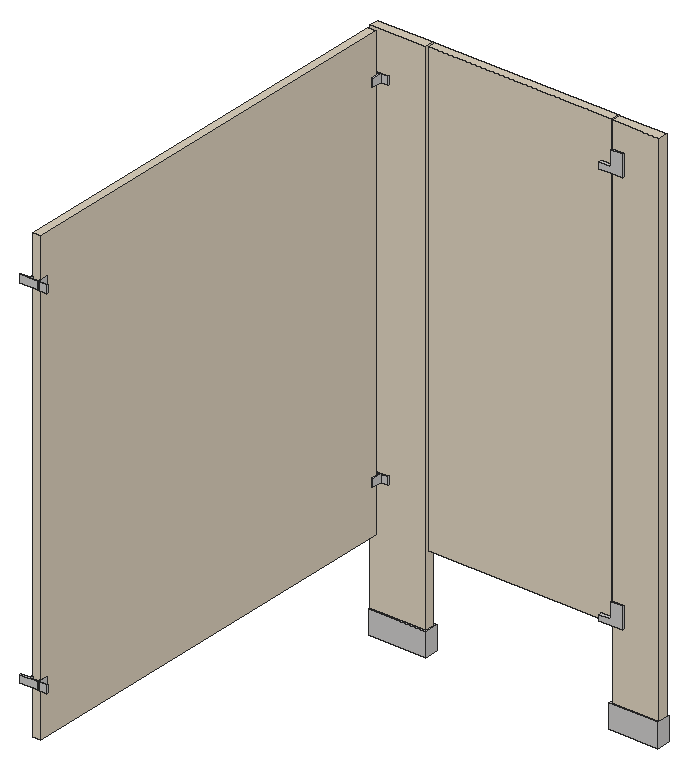
Revit family
Parameters (values of type "As Specified in 10 21 00")
  topoffset = 0' - 0 1/4"
  strkhdwr [instance] = not(or((End Panel_Strike Side), (Terminates at Wall_Strike Side)))  # no
  hngpnlconstrain [instance] = if((Terminates at Wall_Hinge Side), (Front Panel Width_Hinge Side - Reveal Clearance), (if((End Panel_Hinge Side), (Front Panel Width_Hinge Side + Panel Thickness + 0' 0 1/8"), (Front Panel Width_Hinge Side))))  # 0' - 6"
  hngpnl2 [instance] = if((Terminates at Wall_Strike Side), (Panel Thickness - Reveal Clearance - 0' 0 1/8"), (if((End Panel_Strike Side), (Panel Thickness + 0' 0 1/8"), (Panel Thickness))))  # 0' - 1 1/8"
  capoffset = 0' - 0"
  Warranty Duration (Years) = 0
  URL = "http://www.am-sanitary-partition.com/\r\n"
  Type Comments = "Toilet Partition"
  Terminates at Wall_Strike Side [instance] = no
  Terminates at Wall_Hinge Side [instance] = no
  Stile Thickness = 0' - 1 1/4"
  Stall Width = 3' - 0"
  Stall Depth [instance] = 4' - 8"
  Pilaster Height = 5' - 10"
  Panel Thickness = 0' - 1"
  Outswing [instance] = not(Inswing)  # no
  Inswing [instance] = yes
  Green Building-LEED = "http://www.arcat.com/green/clients/leed_data_30440.html\r\n"
  End Panel_Strike Side [instance] = not(Terminates at Wall_Strike Side)  # yes
  Front Panel Width_Strike Side = 0' - 6"
  Specification = "http://www.arcat.com/specwizard/clients/amerisan.html?coid=30440\r\n"
  SpecWizard = "http://www.arcat.com/specwizard/10150asp/index.htm?mf=&coid=30440\r\n"
  Send Message = "http://admin.arcat.com/users.pl?action=UserEmail&company=American%20Sanitary%20Partition%20Corp.&coid=30440&rep=145&fax=407-656-8189&mf=\r\n"
  Sales Information = "http://www.am-sanitary-partition.com/\r\n"
  Revision = "R1_10/2009"
  Reveal Clearance = 0' - 0 1/2"
  Product Properties = "http://www.arcat.com/bim/bim_info.pl?fn=Toilet-Partition_AmericanSanitary_Floor-Stile\r\n"
  Product Data = "http://www.arcat.com/arcatcos/cos30/arc30440.html\r\n"
  Panel Material [instance] = Solid Plastic - Color as Specified
  Model = "As Specified in 10 21 00"
  Manufacturer's Notes = ""
  Manufacturer Website = "http://www.am-sanitary-partition.com/\r\n"
  Manufacturer Phone = "407-656-0611\r\n"
  Manufacturer Fax = "407-656-8189\r\n"
  Manufacturer Address = "300 Enterprise St.; P. O. Box 99; Ocoee; FL 34761\r\n"
  Manufacturer = "American Sanitary Partition Corp.\r\n"
  Maintenance Schedule (Months) = 0
  Keynote = "10 21 00"
  Installation-Fabrication = "http://www.arcat.com/clients/amersan.pdf"
  Installation Phase = ""
  End Panel_Hinge Side [instance] = no
  Front Panel Width_Hinge Side = Stall Width - Door Width - Front Panel Width_Strike Side  # 0' - 6"
  Hardware Finish [instance] = Stainless Steel - Type 304 #4 Brushed Finish
  Expected Lifespan (Years) = 0
  Drawn By = "Robert S. Weygant, CSI, CDT, SCIP"  # constant formula
  Door Width = 2' - 0"
  Door Thickness = 0' - 1"
  Door Height = Pilaster Height - Distance from Floor to Panel  # 4' - 10"
  Distance from Floor to Panel = 1' - 0"
  Copyright = "2009, ARCAT, Inc."  # constant formula
  Description = "As Specified in 10 21 00"
  Construction Details = "http://www.arcat.com/details/amerisan/amerisan.html?coid=30440\r\n"
  Brackets_Vertical = 2
  Assembly Code = "C1010400"
Reference planes (in)
  plane 1: y = 26.56271
  plane 2 "Center (Left/Right)": x = 26.6528
  plane 3 "Left": x = 44.6528
  plane 4: x = 8.6528
  plane 5: y = 83.81271
  plane 6 "Back": y = 29.06271
  plane 7 "Right": x = 7.6528
  plane 8 "Front": y = 85.06271
  plane 9 "Bottom of panel": z = 12
  plane 10 "Top of panel": z = 70
  plane 11: x = 14.6528
  plane 12: x = 38.6528
  plane 13 "Bottom Bracket": z = 18
  plane 14 "Top Bracket": z = 64
  plane 15 "Top Hinge": z = 66.75
  plane 16: y = 83.31271
  plane 17: y = 29.56271
  plane 18: z = 0
  plane 19: x = 7.5278
Forms (in)
  Extrusion 1, solid, material "Solid Plastic - Color as Specified" <- "Panel Material"
    sketch origin (0, 0, 0) x (1, 0, 0) y (0, 1, 0)
      loop
        line (7.5278, 85.06271) -> (7.5278, 83.81271) -> (14.6528, 83.81271) -> (14.6528, 85.06271) -> (7.5278, 85.06271)
    from 0 to 70
  Extrusion 2, solid, material "Stainless Steel - Type 304 #4 Brushed Finish" <- "Hardware Finish", detail levels medium+fine
    sketch origin (0, 85.06271, 0) x (-1, 0, 0) y (0, 0, 1)
      loop
        line (-13.1528, 39.97704) -> (-13.1528, 42.02296) -> (-15.6528, 42.02296) -> (-15.6528, 39.97704) -> (-13.1528, 39.97704)
    from 0 to 0.25
  Extrusion 3, solid, material "Solid Plastic - Color as Specified" <- "Panel Material"
    sketch origin (0, 0, 0) x (1, 0, 0) y (0, 1, 0)
      loop
        line (38.6528, 85.06271) -> (38.6528, 83.81271) -> (44.6528, 83.81271) -> (44.6528, 85.06271) -> (38.6528, 85.06271)
    from 0 to 70
  Extrusion 4, solid, material "Solid Plastic - Color as Specified" <- "Panel Material", visible <- "End Panel_Hinge Side"
    sketch origin (0, 0, 0) x (1, 0, 0) y (0, 1, 0)
      loop
        line (44.6528, 29.56271) -> (45.6528, 29.56271) -> (45.6528, 83.31271) -> (44.6528, 83.31271) -> (44.6528, 29.56271)
    from 12 to 70
  Extrusion 5, solid, material "Solid Plastic - Color as Specified" <- "Panel Material", visible <- "End Panel_Strike Side"
    sketch origin (0, 0, 0) x (1, 0, 0) y (0, 1, 0)
      loop
        line (7.6528, 29.56271) -> (8.6528, 29.56271) -> (8.6528, 83.31271) -> (7.6528, 83.31271) -> (7.6528, 29.56271)
    from 12 to 70
  Extrusion 6, solid, material "Stainless Steel - Type 304 #4 Brushed Finish" <- "Hardware Finish", detail levels fine
    sketch origin (0, 85.06271, 0) x (-1, 0, 0) y (0, 0, 1)
      loop
        line (-38.6528, 66.75) -> (-40.1528, 66.75) -> (-40.1528, 64) -> (-38.6528, 64) -> (-37.1528, 64) -> (-37.1528, 64.75) -> (-38.6528, 64.75) -> (-38.6528, 66.75)
    from -1.49944 to 0.25
  Extrusion 7, solid, material "Stainless Steel - Type 304 #4 Brushed Finish" <- "Hardware Finish", detail levels fine
    sketch origin (0, 85.06271, -52) x (-1, 0, 0) y (0, 0, 1)
      loop
        line (-38.6528, 66.75) -> (-40.1528, 66.75) -> (-40.1528, 64) -> (-37.1528, 64) -> (-37.1528, 64.75) -> (-38.6528, 64.75) -> (-38.6528, 66.75)
    from -1.49944 to 0.25
  Extrusion 8, solid, material "Solid Plastic - Color as Specified" <- "Panel Material"
    sketch origin (0, 85.06271, 0) x (-1, 0, 0) y (0, 0, 1)
      loop
        line (-36.9028, 12) -> (-14.9028, 12) -> (-14.9028, 70) -> (-38.4028, 70) -> (-38.4028, 64.75) -> (-36.9028, 64.75) -> (-36.9028, 63.9223) -> (-38.4028, 63.9223) -> (-38.4028, 12.75) -> (-36.9028, 12.75) -> (-36.9028, 12)
    from -1 to 0
  Extrusion 9, solid, material "Stainless Steel - Type 304 #4 Brushed Finish" <- "Hardware Finish", detail levels fine
    sketch origin (0, 85.06271, 78) x (-1, 0, 0) y (0, 0, 1)
      loop
        line (-14.9028, -78) -> (-7.5278, -78) -> (-7.5278, -75) -> (-14.9028, -75) -> (-14.9028, -78)
    from -1.49768 to 0.24505
  Extrusion 10, solid, material "Stainless Steel - Type 304 #4 Brushed Finish" <- "Hardware Finish", detail levels fine
    sketch origin (0, 85.06271, 79) x (-1, 0, 0) y (0, 0, 1)
      loop
        line (-44.6528, -79) -> (-38.4028, -79) -> (-38.4028, -76) -> (-44.6528, -76) -> (-44.6528, -79)
    from -1.49944 to 0.25923
Lines and regions (in)
  symbolic lines
    curve 1: line (38.6528, 0, 70) -> (14.6528, 0, 41)
    curve 2: line (14.6528, 0, 41) -> (38.6528, 0, 12)
    curve 3: line (8.6528, 29.06271, 0) -> (7.6528, 29.06271, 0)
  symbolic lines, visible <- "Inswing"
    curve 4: line (38.6528, 83.81271, 0) -> (38.6528, 59.81271, 0)
    curve 5: line (38.6528, 59.81271, 0) -> (37.6528, 59.81271, 0)
    curve 6: line (37.6528, 59.81271, 0) -> (37.6528, 83.81271, 0)
    curve 7: line (37.6528, 83.81271, 0) -> (38.6528, 83.81271, 0)
  symbolic lines, style "Toilet Accessories-Dashed", visible <- "Inswing"
    curve 8: arc (14.6528, 83.81271, 0) -> (21.68224, 66.84214, 0) -> (38.6528, 59.81271, 0) r 24
  symbolic lines, visible <- "Outswing"
    curve 9: line (38.6528, 85.06271, 0) -> (38.6528, 108.97195, 0)
    curve 10: line (38.6528, 108.97195, 0) -> (37.6528, 108.97195, 0)
    curve 11: line (37.6528, 108.97195, 0) -> (37.6528, 85.06271, 0)
    curve 12: line (37.6528, 85.06271, 0) -> (38.6528, 85.06271, 0)
  symbolic lines, style "Toilet Accessories-Dashed", visible <- "Outswing"
    curve 13: arc (14.6528, 84.97195, 0) -> (21.68224, 101.94252, 0) -> (38.6528, 108.97195, 0) r 24
Text (in)
  text "Placement Side" at (0, 40.15149, 123.01588), in view "Right"
  text "Placement Side" at (-71.13158, 43.3951, 0), in view "Floor Line"
  text "Placement Side" at (0, 65.23256, 117.93067), in view "Left"
Dimensions and locks (in)
  "Stall Width": plane 4 to plane 3 "Left"
  "Door Height": plane 9 "Bottom of panel" to plane 10 "Top of panel"
  "Distance from Floor to Panel": host wall to plane 9 "Bottom of panel"
  equal spacing: plane 9 "Bottom of panel", curve 2, plane 10 "Top of panel"
  "Panel Thickness": plane 7 "Right" to plane 4
  "Panel Thickness": plane 3 "Left" to Extrusion 4 sketch curve
  locked: Extrusion 6 sketch curve to plane 12 at 1.5  (x2)
  locked: plane 9 "Bottom of panel" to Extrusion 7 sketch curve at 2.75
  locked: Extrusion 7 sketch curve to plane 12 at 1.5
  locked: plane 12 to Extrusion 7 sketch curve at 1.5
  locked: plane 12 to Extrusion 8 sketch curve at 0.25
  locked: plane 11 to Extrusion 8 sketch curve at 0.25
  locked: Extrusion 2 sketch curve to plane 11 at 1.5
  "Front Panel Width_Hinge Side": plane 12 to plane 3 "Left"
  "Door Width": plane 11 to plane 12
  locked: Extrusion 9 sketch curve to plane 11 at 0.25
  locked: Extrusion 10 sketch curve to plane 12 at 0.25
  equal spacing: plane 4, plane 2 "Center (Left/Right)", plane 3 "Left"
  locked: Extrusion 9 to plane 8 "Front" at 0.24505
  locked: Extrusion 9 to plane 5 at 0.24768
  "Door Thickness": curve 6 to plane 12
  group 1 to group 2 = 0' - 0"
  group 2 to group 1 = 0' - 0"
  group 1 to group 2 = 3' - 10"
  locked: plane 14 "Top Bracket" to plane 15 "Top Hinge" at 2.75
  locked: plane 14 "Top Bracket" to plane 10 "Top of panel" at 6
  locked: plane 9 "Bottom of panel" to plane 13 "Bottom Bracket" at 6
  "Reveal Clearance": plane 16 to plane 5
  "Reveal Clearance": plane 17 to plane 6 "Back"
  group 4 to group 3 = 0' - 0 3/8"
  group 4 to group 3 = 0' - 0"
  group 3 to group 4 = 3' - 10"
  Extrusion 10 to Extrusion 3 = 0' - 0.25923"
  Extrusion 10 to Extrusion 3 = 0' - 0.24944"
  locked: Extrusion 10 to Extrusion 3 at 0.25
  "Stile Thickness": plane 8 "Front" to plane 5
  "capoffset": Extrusion 3 to Extrusion 10
  "hngpnlconstrain": Extrusion 3 sketch curve to Extrusion 3 sketch curve
  "capoffset": Extrusion 9 to Extrusion 1
  group 5 to group 6 = 0' - 0"  (x2)
  group 5 to group 6 = 3' - 10"
  group 7 to group 8 = 0' - 0"
  group 8 to group 7 = 0' - 0"
  group 7 to group 8 = 3' - 10"
  group 9 to group 10 = 0' - 0"
  group 10 to group 9 = 0' - 0"
  group 9 to group 10 = 3' - 10"
  Extrusion 4 to Extrusion 10 sketch curve = 0' - 1"
  "hngpnl2": plane 19 to plane 4
  group 11 to group 12 = 0' - 0"
  group 12 to group 11 = 0' - 0"
  group 11 to group 12 = 3' - 10"
  "Stall Depth": plane 8 "Front" to plane 6 "Back"
  group 13 to group 14 = 0' - 0"  (x2)
  group 13 to group 14 = 3' - 10"
  locked: Extrusion 10 sketch curve to Extrusion 10 sketch curve at 3
  locked: Extrusion 9 sketch curve to Extrusion 9 sketch curve at 3
  "Door Thickness": Extrusion 8 to Extrusion 8
  "Door Thickness": curve 11 to curve 9
  "Stile Thickness": Extrusion 3 sketch curve to Extrusion 3 sketch curve
  "Stall Depth": plane 6 "Back" to Extrusion 3 sketch curve
  "Door Width": radius of curve 13
  aligned and locked: Extrusion 1 sketch curve to plane 8 "Front"
  aligned and locked: Extrusion 1 sketch curve to plane 5
  aligned and locked: Extrusion 1 sketch curve to plane 11
  aligned and locked: Extrusion 2 to plane 8 "Front"
  aligned and locked: plane 12 to Extrusion 3 sketch curve
  aligned and locked: plane 3 "Left" to Extrusion 4 sketch curve
  aligned and locked: plane 9 "Bottom of panel" to Extrusion 4
  aligned and locked: Extrusion 5 to plane 10 "Top of panel"
  aligned and locked: plane 9 "Bottom of panel" to Extrusion 5
  aligned and locked: plane 15 "Top Hinge" to Extrusion 6 sketch curve
  aligned and locked: plane 14 "Top Bracket" to Extrusion 6 sketch curve
  aligned and locked: Extrusion 6 sketch curve to plane 12
  aligned and locked: plane 9 "Bottom of panel" to Extrusion 7 sketch curve
  aligned and locked: Extrusion 7 sketch curve to plane 12
  aligned and locked: Extrusion 7 to Extrusion 8 sketch curve
  aligned and locked: plane 10 "Top of panel" to Extrusion 8 sketch curve
  aligned and locked: curve 4 to plane 12
  aligned and locked: plane 8 "Front" to Extrusion 8
  aligned and locked: plane 7 "Right" to nested 1
  aligned and locked: nested 1 to plane 5  (x4)
  aligned and locked: plane 13 "Bottom Bracket" to nested 1
  aligned and locked: plane 14 "Top Bracket" to nested 2
  aligned and locked: plane 7 "Right" to nested 2
  aligned and locked: plane 5 to nested 1
  aligned and locked: plane 16 to Extrusion 5 sketch curve
  aligned and locked: Extrusion 5 sketch curve to plane 17
  aligned and locked: plane 17 to Extrusion 4 sketch curve
  aligned and locked: plane 16 to Extrusion 4 sketch curve
  aligned and locked: nested 3 to plane 5  (x2)
  aligned and locked: nested 3 to plane 3 "Left"
  aligned and locked: nested 3 to plane 13 "Bottom Bracket"
  aligned and locked: nested 4 to plane 14 "Top Bracket"
  aligned and locked: plane 5 to nested 3
  aligned and locked: plane 3 "Left" to nested 3
  aligned and locked: Extrusion 4 to plane 10 "Top of panel"
  aligned and locked: nested 5 to plane 4  (x3)
  aligned and locked: plane 6 "Back" to nested 5
  aligned and locked: nested 6 to plane 3 "Left"
  aligned and locked: nested 6 to plane 6 "Back"  (x3)
  aligned and locked: nested 6 to plane 13 "Bottom Bracket"
  aligned and locked: plane 13 "Bottom Bracket" to nested 5
  aligned and locked: plane 6 "Back" to nested 6  (x2)
  aligned and locked: nested 7 to plane 14 "Top Bracket"
  aligned and locked: nested 7 to plane 3 "Left"
  aligned and locked: nested 5 to plane 6 "Back"  (x4)
  aligned and locked: nested 8 to plane 3 "Left"
  aligned and locked: nested 8 to plane 8 "Front"  (x3)
  aligned and locked: plane 13 "Bottom Bracket" to nested 8
  aligned and locked: plane 14 "Top Bracket" to nested 9
  aligned and locked: nested 9 to plane 3 "Left"
  aligned and locked: plane 3 "Left" to nested 8
  aligned and locked: plane 7 "Right" to nested 5  (x2)
  aligned and locked: nested 7 to plane 6 "Back"
  aligned and locked: plane 6 "Back" to nested 7
  aligned and locked: plane 14 "Top Bracket" to nested 10
  aligned and locked: nested 10 to plane 4
  aligned and locked: plane 18 to level
  aligned and locked: Extrusion 1 to plane 19
  aligned and locked: plane 8 "Front" to nested 11  (x2)
  aligned and locked: nested 11 to plane 7 "Right"
  aligned and locked: nested 11 to plane 13 "Bottom Bracket"
  aligned and locked: nested 12 to plane 14 "Top Bracket"
  aligned and locked: nested 12 to plane 7 "Right"
  aligned and locked: nested 11 to plane 8 "Front"
  aligned and locked: plane 6 "Back" to host wall
  aligned and locked: plane 5 to nested 13
  aligned and locked: nested 13 to plane 5  (x2)
  aligned and locked: plane 13 "Bottom Bracket" to nested 13  (x2)
  aligned and locked: nested 13 to plane 13 "Bottom Bracket"
  aligned and locked: plane 7 "Right" to nested 13
  aligned and locked: plane 14 "Top Bracket" to nested 14  (x2)
  aligned and locked: nested 14 to plane 14 "Top Bracket"
  aligned and locked: plane 7 "Right" to nested 14
  aligned and locked: plane 5 to nested 14
  aligned and locked: plane 18 to Extrusion 1
  aligned and locked: plane 18 to Extrusion 3
  aligned and locked: plane 18 to Extrusion 10 sketch curve
  aligned and locked: plane 18 to Extrusion 9 sketch curve
  aligned and locked: Extrusion 3 to plane 10 "Top of panel"
  aligned and locked: Extrusion 1 to plane 10 "Top of panel"
  aligned and locked: plane 12 to curve 9
  aligned and locked: curve 12 to plane 8 "Front"
  aligned and locked: plane 6 "Back" to nested 10
  aligned and locked: plane 5 to nested 2
  aligned and locked: plane 5 to nested 12
  aligned and locked: nested 4 to plane 5
  aligned and locked: nested 9 to plane 5
  aligned and locked: Extrusion 6 to Extrusion 10
Automatic sketch dimensions
  curve 3 to host wall = 0' - 0"
  curve 3 to plane 7 "Right" = 0' - 0"
  curve 3 to plane 4 = 0' - 0"
  curve 1 to plane 10 "Top of panel" = 0' - 0"
  curve 2 to plane 9 "Bottom of panel" = 0' - 0"
  curve 1 to plane 11 = 0' - 0"
  curve 2 to plane 12 = 0' - 0"
  curve 1 to plane 12 = 0' - 0"
  plane 11 to Extrusion 2 sketch curve = 0' - 1"
  plane 13 "Bottom Bracket" to Extrusion 2 sketch curve = 1' - 9.97704"
  Extrusion 2 sketch curve to Extrusion 2 sketch curve = 0' - 2.04593"
  Extrusion 6 sketch curve to plane 12 = 0' - 0"
  Extrusion 6 sketch curve to Extrusion 6 sketch curve = 0' - 0 3/4"
  Extrusion 7 sketch curve to plane 9 "Bottom of panel" = 0' - 0 3/4"
  Extrusion 8 sketch curve to plane 12 = 0' - 0 1/4"
  Extrusion 8 sketch curve to plane 9 "Bottom of panel" = 0' - 0 3/4"
  Extrusion 8 sketch curve to Extrusion 8 sketch curve = 0' - 1 1/2"  (x2)
  Extrusion 8 sketch curve to plane 14 "Top Bracket" = 0' - 0.0777"
  plane 14 "Top Bracket" to Extrusion 8 sketch curve = 0' - 0 3/4"
  curve 8 to plane 5 = 0' - 0"
  curve 8 to plane 11 = 0' - 0"
  curve 7 to plane 5 = 0' - 0"
  Extrusion 5 sketch curve to plane 4 = 0' - 0"
  Extrusion 5 sketch curve to plane 7 "Right" = 0' - 0"
  Extrusion 1 sketch curve to plane 7 "Right" = 0' - 0 1/8"
  Extrusion 9 sketch curve to plane 7 "Right" = 0' - 0 1/8"
  curve 13 to plane 8 "Front" = 0' - 0.09075"
Nested families (in)
  nested 1: "Mounting Bracket" at (7.6528, 83.81271, 18), visible <- "strkhdwr", type "Common Mount"
    with panel thickness 0' - 1"
  nested 2: "Mounting Bracket" at (7.6528, 83.81271, 64), visible <- "strkhdwr", type "Common Mount"
    with panel thickness 0' - 1"
  nested 3: "Mounting Bracket" at (45.9028, 83.81271, 18) x (-1, 0, 0) z (0, 0, 1), visible <- "End Panel_Hinge Side", type "End Mount"
  nested 4: "Mounting Bracket" at (45.5278, 83.81271, 64) x (-1, 0, 0) z (0, 0, 1), visible <- "End Panel_Hinge Side", type "End Mount"
  nested 5: "Mounting Bracket" at (8.6528, 29.06271, 18) x (-1, 0, 0) z (0, 0, 1), visible <- "End Panel_Strike Side", type "Common Mount"
    with panel thickness 0' - 1"
  nested 6: "Mounting Bracket" at (44.6528, 29.06271, 18), visible <- "End Panel_Hinge Side", type "Common Mount"
    with panel thickness 0' - 1"
  nested 7: "Mounting Bracket" at (44.6528, 29.06271, 64), visible <- "End Panel_Hinge Side", type "Common Mount"
    with panel thickness 0' - 1"
  nested 8: "Mounting Bracket" at (44.6528, 85.06271, 18) x (0, -1, 0) z (0, 0, 1), visible <- "Terminates at Wall_Hinge Side", type "End Mount"
  nested 9: "Mounting Bracket" at (44.6528, 85.06271, 64) x (0, -1, 0) z (0, 0, 1), visible <- "Terminates at Wall_Hinge Side", type "End Mount"
  nested 10: "Mounting Bracket" at (8.6528, 29.06271, 64) x (-1, 0, 0) z (0, 0, 1), visible <- "End Panel_Strike Side", type "Common Mount"
    with panel thickness 0' - 1"
  nested 11: "Mounting Bracket" at (7.6528, 85.06271, 18) x (0, -1, 0) z (0, 0, 1), visible <- "Terminates at Wall_Strike Side", type "End Mount"
  nested 12: "Mounting Bracket" at (7.6528, 85.06271, 64) x (0, -1, 0) z (0, 0, 1), visible <- "Terminates at Wall_Strike Side", type "End Mount"
  nested 13: "Mounting Bracket" at (7.6528, 83.81271, 18), visible <- "End Panel_Strike Side", type "End Mount"
  nested 14: "Mounting Bracket" at (7.6528, 83.81271, 64), visible <- "End Panel_Strike Side", type "End Mount"
Definition of nested family "Mounting Bracket"
  Parameters (values of type "Common Mount")
    panel thickness = 0' - 0 1/2"
    hdwr matl = none
    Surfmnt = yes
    Hdwr Height = 0' - 1"
    Assembly Code = ""
  Types (2): name | panel thickness | Surfmnt
    Common Mount | 0' - 0 1/2" | yes
    End Mount | 0' - 1" | no
  Reference planes (in)
    plane 1 "Center (Front/Back)": y = 0
    plane 2 "bottom": z = 0
    plane 3 "Center (Left/Right)": x = 0
    plane 4: y = -1.37133
    plane 5 "top": z = 1
    plane 6: y = -0.12324
  Forms (in)
    Extrusion 1, solid, material <- "hdwr matl"
      sketch origin (0, 0, 0) x (1, 0, 0) y (0, 1, 0)
        loop
          line (0, -1.37133) -> (0, -0.125) -> (0.5, -0.125) -> (0.5, -1.37133) -> (0.625, -1.37133) -> (0.625, -0.12324) -> (2.25, -0.12324) -> (2.25, 0) -> (-0.125, 0) -> (-0.125, -1.37133) -> (0, -1.37133)
      from 0 to 1
    Extrusion 2, solid, material <- "hdwr matl", visible <- "Surfmnt"
      sketch origin (0, 0, 0) x (1, 0, 0) y (0, 1, 0)
        loop
          line (0, 0) -> (-1.25, 0) -> (-1.25, -0.125) -> (0, -0.125) -> (0, 0)
      from 0 to 1
  Dimensions and locks (in)
    "panel thickness": Extrusion 1 sketch curve to Extrusion 1 sketch curve
    locked: Extrusion 1 sketch curve to Extrusion 1 sketch curve at 0.125  (x2)
    locked: plane 4 to plane 1 "Center (Front/Back)" at 1.37133
    locked: Extrusion 1 sketch curve to Extrusion 1 sketch curve at 2.375
    locked: Extrusion 2 sketch curve to Extrusion 2 sketch curve at 0.125
    locked: Extrusion 2 sketch curve to Extrusion 2 sketch curve at 1.25
    "Hdwr Height": plane 5 "top" to plane 2 "bottom"
    locked: plane 6 to plane 1 "Center (Front/Back)" at 0.12324
    "panel thickness": Extrusion 1 to Extrusion 1
    aligned and locked: plane 3 "Center (Left/Right)" to Extrusion 1 sketch curve
    aligned and locked: Extrusion 1 sketch curve to plane 1 "Center (Front/Back)"
    aligned and locked: Extrusion 1 sketch curve to plane 4  (x2)
    aligned and locked: Extrusion 2 sketch curve to plane 1 "Center (Front/Back)"
    aligned and locked: plane 3 "Center (Left/Right)" to Extrusion 2 sketch curve
    aligned and locked: plane 5 "top" to Extrusion 1
    aligned and locked: plane 5 "top" to Extrusion 2
    aligned and locked: Extrusion 1 to plane 2 "bottom"
    aligned and locked: Extrusion 2 to plane 2 "bottom"
  Automatic sketch dimensions
    plane 1 "Center (Front/Back)" to Extrusion 1 sketch curve = 0' - 0.12324"
    plane 1 "Center (Front/Back)" to Extrusion 1 sketch curve = 0' - 0 1/8"
